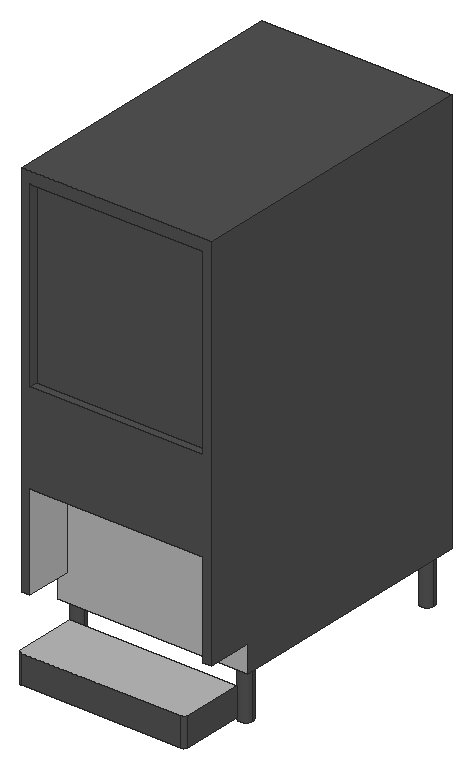
Revit family "Mechanical_COM_Hot-Beverage-Dispenser-Covered", category Mechanical Equipment, Revit 2026
Family settings
  Round Connector Dimension = Use Diameter
  Part Type = Normal
  Classification Number = 23.40.40.14
  Work Plane-Based = Yes
  Always vertical = No
  Cut with Voids When Loaded = No
  Maintain Annotation Orientation = No
  Shared = No
  Room Calculation Point = No
Parameters
  Warranty Duration (Years) = 0
  Unit Width [instance] = 1' - 0 1/2"
  Unit Height [instance] = 2' - 6"
  Unit Depth [instance] = 1' - 9"
  Test Data = ""
  Specification = ""
  SpecWizard = ""
  Send Message = ""
  Sales Information = ""
  Product Properties = ""
  Product Data = ""
  OmniClass Number = ""
  MasterFormat04 Keynote = ""
  Manufacturer's Notes = ""
  Manufacturer Website = ""
  Manufacturer Phone - Toll Free = ""
  Manufacturer Phone = ""
  Manufacturer Fax = ""
  Manufacturer Email = ""
  Manufacturer Address = ""
  Maintenance Schedule (Months) = 0
  Installation-Fabrication = ""
  Installation Phase = ""
  Hardware Finish [instance] = ARCAT - Metal - Satin Steel
  Green Building-LEED = ""
  Fixture Material [instance] = ARCAT - Plastic - Black
  Feet Material [instance] = ARCAT - Plastic - Black
  Expected Lifespan (Years) = 0
  Drawn By = ""
  Dispenser Count [instance] = 3
  Default Elevation = 4' - 0"
  Copyright = ""
  Construction Details = ""
  Company_ID = 0
  Building Codes = ""
Reference planes (in)
  plane 1 "Center (Front/Back)": y = 0
  plane 2: z = 0
  plane 3 "Center (Left/Right)": x = -4
  plane 4: y = 10.5
  plane 5: y = -10.5
  plane 6: x = -10.25
  plane 7: x = 2.25
  plane 8: z = 30
  plane 9: z = 2.25
  plane 10: z = 11.25
  plane 11: y = -6.25
  plane 12: x = -9.6875
  plane 13: x = 1.6875
  plane 14: x = -4.9375
  plane 15: x = -3.0625
  plane 16: x = -7.5
  plane 17: x = -5.625
  plane 18: x = -2.375
  plane 19: x = -0.5
  plane 20: y = -8
  plane 21: y = -20.5
Forms (in)
  Extrusion 1, solid, material "ARCAT - Plastic - Black" <- "Fixture Material"
    sketch origin (0, 0, 0) x (1, 0, 0) y (0, 1, 0)
      loop
        arc (-9.5, -10.25) -> (-9.42678, -10.42678) -> (-9.25, -10.5) r 0.25
        line (-9.25, -10.5) -> (1.25, -10.5)
        arc (1.25, -10.5) -> (1.42678, -10.42678) -> (1.5, -10.25) r 0.25
        line (1.5, -10.25) -> (1.5, -6.25) -> (-9.5, -6.25) -> (-9.5, -10.25)
    from 0.375 to 2.25
  Extrusion 2, solid, material "ARCAT - Plastic - Black" <- "Fixture Material"
    sketch origin (-4, 0, 0) x (0, 1, 0) y (0, 0, 1)
      loop
        line (-9.25, 30) -> (-9.25, 3.25) -> (10.5, 3.25) -> (10.5, 30) -> (-9.25, 30)
    from -6.25 to 6.25
  Extrusion 3, void
    sketch origin (-4, 0, 0) x (0, 1, 0) y (0, 0, 1)
      loop
        line (-10.5, 0.75) -> (-6.25, 0.75) -> (-6.25, 11.25) -> (-10.5, 11.25) -> (-10.5, 0.75)
    from -5.6875 to 5.6875
  Extrusion 4, void
    sketch origin (0, 0, 0) x (1, 0, 0) y (0, 0, 1)
      loop
        line (-9.6875, 29.25) -> (-9.6875, 17.25) -> (1.6875, 17.25) -> (1.6875, 29.25) -> (-9.6875, 29.25)
    from 8.72688 to 10.5
  Extrusion 5, solid, material "ARCAT - Metal - Satin Steel" <- "Hardware Finish"
    sketch origin (-4, 0, 0) x (0, 1, 0) y (0, 0, 1)
      loop
        line (-7.57158, 11.25) -> (-6.25, 9.72969) -> (-6.25, 11.25) -> (-7.57158, 11.25)
    from -5.6875 to 5.6875
  Extrusion 6, solid, material "ARCAT - Plastic - Black" <- "Feet Material"
    sketch origin (0, 0, 0) x (1, 0, 0) y (0, 1, 0)
      loop
        circle (-9.25704, 9.74481) r 0.44454
      loop
        circle (1.25704, 9.74481) r 0.44454
      loop
        circle (-9.50704, -5.50519) r 0.44454
      loop
        circle (1.50704, -5.50519) r 0.44454
    from 0 to 3.25
  Extrusion 7, void
    sketch origin (-4, 0, 0) x (0, 1, 0) y (0, 0, 1)
      loop
        line (-10.5, 5) -> (-10.5, 0.75) -> (-6.25, 0.75) -> (-6.25, 5) -> (-10.5, 5)
    from -6.25 to 6.25
  Extrusion 8, solid, material "ARCAT - Plastic - Black" <- "Fixture Material"
    sketch origin (0, -0.42842, 0) x (1, 0, 0) y (0, 1, 0)
      loop
        circle (-10.25, -7.57158) r 0.33222
    from 22.5695 to 25.21503
  Extrusion 9, solid, material "ARCAT - Plastic - Black" <- "Fixture Material"
    sketch origin (0, -0.42842, -9.75) x (1, 0, 0) y (0, 1, 0)
      loop
        circle (-10.25, -7.57158) r 0.33222
    from 21.51223 to 23.75
Cuts and joins
  Extrusion 4 cuts Extrusion 1
  Extrusion 3, Extrusion 4, Extrusion 7 cuts Extrusion 2
  joined: Extrusion 1, Extrusion 2
Lines and regions (in)
  symbolic lines, style "MechanicalEquipmentHiddenLines"
    curve 1: line (-10.25, -8, 0) -> (-11.5, -8, 0)
    curve 2: line (-11.5, -8, 0) -> (-11.5, -20.5, 0)
    curve 3: line (-11.5, -20.5, 0) -> (-10.25, -20.5, 0)
    curve 4: line (-10.25, -20.5, 0) -> (-10.25, -8, 0)
Dimensions and locks (in)
  "Unit Depth": plane 4 to plane 5
  equal spacing: plane 6, plane 3 "Center (Left/Right)", plane 7
  "Unit Width": plane 6 to plane 7
  equal spacing: plane 4, plane 1 "Center (Front/Back)", plane 5
  "Unit Height": plane 8 to level
  locked: plane 9 to level at 2.25
  plane 10 to plane 9 = 0' - 9"
  locked: plane 5 to plane 11 at 4.25
  locked: plane 5 to Extrusion 2 sketch curve at 1.25
  locked: Extrusion 2 sketch curve to level at 3.25
  locked: plane 6 to Extrusion 1 sketch curve at 0.75
  locked: Extrusion 1 sketch curve to plane 7 at 0.75
  locked: plane 6 to plane 12 at 0.5625
  locked: plane 7 to plane 13 at 0.5625
  plane 14 to plane 3 "Center (Left/Right)" to plane 15 = 0' - 0 15/16" locked, 0' - 0 15/16" locked
  locked: plane 17 to plane 16 at 1.875
  locked: plane 19 to plane 18 at 1.875
  locked: plane 16 to plane 6 at 2.75
  locked: plane 7 to plane 19 at 2.75
  Extrusion 7 sketch curve to Extrusion 7 sketch curve to level = 0' - 4 1/4" locked, 0' - 0 3/4" locked
  locked: plane 5 to cut or joined group of Extrusion 1, Extrusion 2, Extrusion 3, Extrusion 4, Extrusion 7 at 1.77312
  locked: plane 6 to Extrusion 6 sketch curve at 0.99296
  locked: Extrusion 6 sketch curve to plane 7 at 0.99296
  locked: plane 4 to Extrusion 6 sketch curve at 0.75519  (x2)
  locked: plane 11 to Extrusion 6 sketch curve at 0.74481  (x2)
  locked: Extrusion 6 sketch curve to plane 7 at 0.74296
  locked: plane 6 to Extrusion 6 sketch curve at 0.74296
  plane 20 to plane 11 = 0' - 1 3/4"
  locked: plane 20 to Extrusion 8 sketch curve at 0
  locked: plane 6 to Extrusion 8 sketch curve
  locked: plane 6 to Extrusion 9 sketch curve at 0
  locked: plane 20 to Extrusion 9 sketch curve at 0
  "Unit Width": plane 21 to plane 20
  locked: curve 2 to curve 4 at 1.25
  locked: plane 8 to Extrusion 4 sketch curve at 0.75
  aligned and locked: Extrusion 1 to plane 5
  aligned and locked: plane 11 to Extrusion 1
  aligned and locked: plane 4 to Extrusion 2 sketch curve
  aligned and locked: plane 8 to Extrusion 2 sketch curve
  aligned and locked: Extrusion 2 to plane 6
  aligned and locked: plane 7 to Extrusion 2
  aligned and locked: plane 12 to Extrusion 3
  aligned and locked: Extrusion 3 to plane 13
  aligned and locked: Extrusion 4 to plane 5
  aligned and locked: plane 12 to Extrusion 5
  aligned and locked: Extrusion 5 to plane 13
  aligned and locked: plane 13 to Extrusion 4 sketch curve
  aligned and locked: Extrusion 4 sketch curve to plane 12
  aligned and locked: Extrusion 7 to plane 6
  aligned and locked: plane 7 to Extrusion 7
  aligned and locked: plane 5 to Extrusion 7 sketch curve
  aligned and locked: Extrusion 3 to plane 5
  aligned and locked: Extrusion 7 to plane 11
  aligned and locked: Extrusion 3 to plane 11
  aligned and locked: Extrusion 5 to plane 11
  aligned and locked: Extrusion 6 to cut or joined group of Extrusion 1, Extrusion 2, Extrusion 3, Extrusion 4, Extrusion 7
  aligned and locked: plane 21 to curve 3
  aligned and locked: plane 6 to curve 4
  aligned and locked: curve 1 to plane 20
Automatic sketch dimensions
  Extrusion 1 sketch curve to plane 5 = 0' - 0"
  Extrusion 1 sketch curve to plane 11 = 0' - 0"
  Extrusion 1 sketch curve to plane 16 = 0' - 1 3/4"
  plane 19 to Extrusion 1 sketch curve = 0' - 1 3/4"
  Extrusion 3 sketch curve to plane 5 = 0' - 0"
  Extrusion 3 sketch curve to plane 10 = 0' - 0"
  Extrusion 3 sketch curve to plane 11 = 0' - 0"
  level to Extrusion 3 sketch curve = 0' - 0 3/4"
  plane 10 to Extrusion 4 sketch curve = 0' - 6"
  Extrusion 5 sketch curve to plane 10 = 0' - 0"
  plane 11 to Extrusion 5 sketch curve = 0' - 1.32158"
  Extrusion 5 sketch curve to plane 11 = 0' - 0"
  Extrusion 5 sketch curve to plane 10 = 0' - 1.52031"
  Extrusion 7 sketch curve to plane 11 = 0' - 0"
  radius of Extrusion 6 sketch curve = 0' - 0.44454"  (x4)
  radius of Extrusion 9 sketch curve = 0' - 0.33222"
  radius of Extrusion 8 sketch curve = 0' - 0.33222"
Connectors (in)
  electrical at (-4, 10.5, 16.625)
    settings: on cut or joined group of Extrusion 1, Extrusion 2, Extrusion 3, Extrusion 4, Extrusion 7, index 1, voltage 0 V, apparent load 0 VA, apparent load phase1 0 VA, apparent load phase2 0 VA, apparent load phase3 0 VA, power factor 1, load classification "Power", number of poles 1, system type 31, power factor state 1, is connector primary yes, connector utility no, sub classification motor no, connector description ""
  piping at (-6.875, 10.5, 7.75), diameter 0.375
    settings: on Extrusion 2, index 2, connector inside diameter 3/8", connector length 0' - 0", flow factor 0, pipe flow 0 GPM, pressure drop 0.00 psi, fitting loss kfactor 0, connector angle 0.00°, fixture units 0, engagement length 0' - 0", angle of deflection 0.00°, flow configuration 0, flow direction 1, fitting loss method 0, system type 20, joint type 0, gender type 0, connector reference index -1, connector utility 0, adjustable connector no, is connector primary yes, connector description "DCW CONN"
